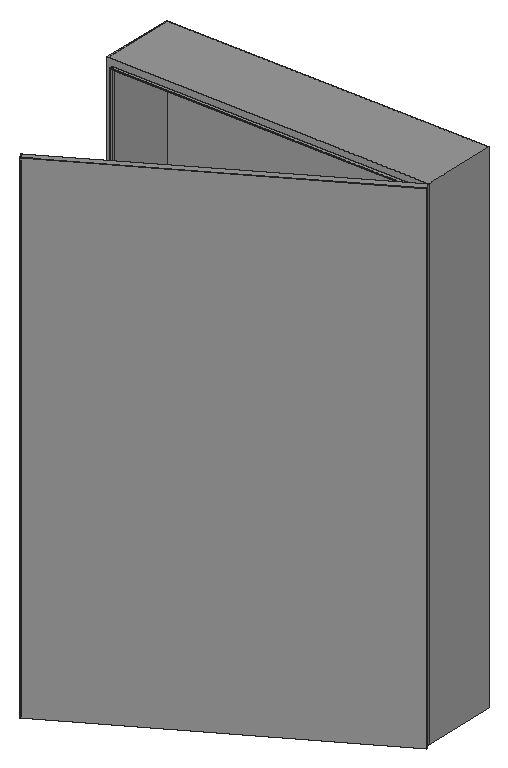
Revit family "Hager-Univers-IP44-D205-H1250-Cl.II-Encl-NoHosted-CH-fr", category Electrical Equipment, Revit 2020
Family settings
  Panel Configuration = Two Columns, Circuits Across
  Round Connector Dimension = Use Diameter
  Part Type = Panelboard
  Work Plane-Based = Yes
  Always vertical = Yes
  Cut with Voids When Loaded = No
  Shared = No
  Room Calculation Point = No
Parameters (values of type "saillie IP44 L800 H1250 P205  - FP83QS")
  Width Control [instance] = if([EF000008 - largeur] > Min Width, [EF000008 - largeur], Min Width)  # 800 mm
  Type Comments = [HG000003 - Gamme]  # "Univers"
  Thickness Door [instance] = if([EF009171 - épaisseur de matériau de la porte/du couvercle] > 3 mm, 3 mm, [EF009171 - épaisseur de matériau de la porte/du couvercle])  # 1 mm
  Seal Frame Offset [instance] = 17 mm  # constant formula
  Plinth Visibility [instance] = [HG000027 - Hauteur du socle] > 0 mm  # no
  Min Width [instance] = 100 mm  # constant formula
  Min Depth [instance] = (2 * [EF009170 - épaisseur de matériau du boîtier]) + 1 mm  # 3 mm
  Min Height [instance] = 100 mm  # constant formula
  Internal Frame Depth [instance] = (Door System Depth * 0.5)  # 9 mm
  Panel Name [instance] = ""  # (empty or 0)
  Model = ""
  HG000027 - Hauteur du socle = 0 mm
  HG000026 - Installation au sol = no
  HG000024 - Hauteur de la section basse = 600 mm
  HG000023 - Armoire double section = no
  HG000016 - Visibilité de la porte 3D [instance] = yes
  HG000015 - Visibilité de l'emprise de la porte [instance] = no
  HG000014 - Porte à droite [instance] = yes
  HG000013 - Porte à gauche [instance] = not([HG000014 - Porte à droite])  # no
  HG000012 - Angle de pivotement de la porte [instance] = 30.00°
  HG000010 - Portes asymétriques = no
  HG000009 - Porte à double battant = no
  HG000006 - Encastré = no
  HG000004 - Référence fabricant = "FP83QS"
  HG000003 - Gamme = "Univers"
  HG000002 - avec porte = yes
  Frame Offset Bottom [instance] = 10 mm  # constant formula
  Frame Offset [instance] = 15 mm  # constant formula
  EF015940 - couvercle avec décharge de pression = no
  EF011959 - degré de protection (NEMA) = ""
  EF009554 - nombre d'ouvertures pour plaques à bride = 6
  EF009212 - finition du couvercle = "EV000116 - fermé"
  EF009171 - épaisseur de matériau de la porte/du couvercle = 1 mm
  EF009170 - épaisseur de matériau du boîtier = 1 mm
  EF008873 - courant nominal (In) = 250 A
  EF007800 - adapté à un parafoudre = no
  EF006306 - avec serrure = no
  EF006244 - couvercle/porte transparent(e) = no
  EF005474 - indice de protection (IP) = "EV006418 - IP44"
  EF004464 - type de porte = "EV002646 - unique"
  EF004427 - nombre de modules = 288
  EF004293 - indice de protection contre les chocs (IK) = "EV006815 - IK09"
  EF003532 - convient pour utilisation à l’extérieur = no
  EF002950 - largeur en nombre de modules = 36
  EF001613 - maintien de fonction = "EV000494 - sans"
  EF001596 - matériau du boîtier/corps = "EV000179 - acier"
  EF001131 - profondeur intérieure = 143 mm
  EF001088 - possibilité de montage en saillie = yes
  EF000437 - nombre d'entrées de conduit = 6
  EF000339 - type de capot = "EV001012 - couvercle"
  EF000266 - nombre de rangées = 8
  EF000218 - profondeur d'encastrement = 0 mm
  EF000118 - avec cadre/support de montage = no
  EF000116 - numéro RAL = "9010"
  EF000049 - profondeur = 205 mm
  EF000040 - hauteur = 1250 mm
  EF000008 - largeur = 800 mm
  EF000007 - couleur = "EV000202 - blanc"
  EF000003 - mode de pose = "EV000384 - saillie"
  Door System Leaf Tolerance [instance] = 1.5 mm  # constant formula
  Door System Depth [instance] = 18 mm  # constant formula
  Door Height [instance] = Height Control - [HG000027 - Hauteur du socle]  # 1250 mm
  Description = ""
  Default Elevation = 1219.2 mm
  Connector Offset [instance] = Height Control / 2  # 625 mm
  Manufacturer = "Hager"  # constant formula
  Height Control [instance] = if([EF000040 - hauteur] > Min Height, [EF000040 - hauteur], Min Height)  # 1250 mm
  Depth Control [instance] = if([EF000049 - profondeur] > Min Depth, [EF000049 - profondeur], Min Depth)  # 205 mm
  Bottom Top Plate Trim [instance] = 1.5 mm  # constant formula
  Plinth height Ctrl [instance] = if([HG000027 - Hauteur du socle] > 0 mm, [HG000027 - Hauteur du socle], 12 mm)  # 12 mm
Types (5, lengths in mm): name | Width Control | HG000009 - Porte à double battant | HG000004 - Référence fabricant | EF009554 - nombre d'ouvertures pour plaques à bride | EF004464 - type de porte | EF004427 - nombre de modules | EF002950 - largeur en nombre de modules | EF000437 - nombre d'entrées de conduit | EF000008 - largeur
  saillie IP44 L1050 H1250 P205  - FP84QS | 1050 | yes | "FP84QS" | 8 | "EV003602 - double" | 384 | 48 | 8 | 1050
  saillie IP44 L1300 H1250 P205  - FP85QS | 1300 | yes | "FP85QS" | 10 | "EV003602 - double" | 480 | 60 | 10 | 1300
  saillie IP44 L300 H1250 P205  - FP81QS | 300 | no | "FP81QS" | 2 | "EV002646 - unique" | 96 | 12 | 2 | 300
  saillie IP44 L550 H1250 P205  - FP82QS | 550 | no | "FP82QS" | 4 | "EV002646 - unique" | 192 | 24 | 4 | 550
  saillie IP44 L800 H1250 P205  - FP83QS | 800 | no | "FP83QS" | 6 | "EV002646 - unique" | 288 | 36 | 6 | 800
Reference planes
  plane 1 "Center (Front/Back)": y = 0
  plane 2: z = 0
  plane 3 "Center (Left/Right)": x = 0
  plane 4: y = 0
  plane 5: y = 0
  plane 6: z = 0
  plane 7: x = -400
  plane 8: x = 400
  plane 9: x = 399
  plane 10: x = -399
  plane 11: z = 0
  plane 12: z = 1
  plane 13: y = -205
  plane 14: y = -1
  plane 15: x = 0
  plane 16: y = -187
  plane 17: y = -204
  plane 18: y = -186
  plane 19: x = -384
  plane 20: x = 384
  plane 21: z = 11
  plane 22: x = -383
  plane 23: x = 383
  plane 24: z = 0
  plane 25: z = 1250
  plane 26: z = 1250
  plane 27: z = 1234
  plane 28: z = 1249
Forms (mm)
  Extrusion 1, solid, material "Hager_Steel_RAL7035_Light_Grey", detail levels medium+fine
    sketch origin (-208.679, -4572, 0) x (-1, 0, 0) y (0, -1, 0)
      loop
        line (191.321, -4385) -> (-608.679, -4385) -> (-608.679, -4572) -> (191.321, -4572) -> (191.321, -4385)
    from 0 to 1250
  Extrusion 2, void
    sketch origin (-350.771, -205, 1219.2) x (1, 0, 0) y (0, 0, 1)
      loop
        line (-48.229, 29.8) -> (-48.229, -1218.2) -> (749.771, -1218.2) -> (749.771, 29.8) -> (-48.229, 29.8)
    from -19 to -204
  Extrusion 3, void
    sketch origin (-290.084, -187, 1219.2) x (1, 0, 0) y (0, 0, 1)
      loop
        line (-93.916, -1208.2) -> (674.084, -1208.2) -> (674.084, 14.8) -> (-93.916, 14.8) -> (-93.916, -1208.2)
    from 0 to -1
  Extrusion 4, solid, material "Hager_Steel_RAL7035_Light_Grey", visible <- "Plinth Visibility", detail levels medium+fine
    sketch origin (0, 0, 0) x (1, 0, 0) y (0, 1, 0)
      loop
        line (-400, 0) -> (-400, -187) -> (400, -187) -> (400, 0) -> (-400, 0)
    from 0 to 12 <- "Plinth height Ctrl"
  Extrusion 5, solid, material "Hager_Steel_RAL7035_Light_Grey", detail levels coarse
    sketch origin (0, 0, 0) x (1, 0, 0) y (0, 1, 0)
      loop
        line (-400, 0) -> (-400, -205) -> (400, -205) -> (400, 0) -> (-400, 0)
    from 0 to 1250 <- "Height Control"
  Sweep 6, void
    path in 3D
      loop
        line (-400, -187, 12) -> (400, -187, 12) -> (400, 0, 12) -> (-400, 0, 12) -> (-400, -187, 12)
    profile origin (-400, -93.5, 12) x (1, 0, 0) y (0, 0, 1)
      loop
        line (0, 0) -> (0, -1.5) -> (1.5, -1.5)
        arc (1.5, -1.5) -> (1.061, -0.439) -> (0, 0) r 1.5
  Extrusion 7, solid, material "Hager_Steel_RAL7035_Light_Grey", detail levels fine
    sketch origin (-400, -187, 0) x (1, 0, 0) y (0, 0, 1)
      loop
        line (16, 11) -> (784, 11) -> (784, 1234) -> (16, 1234) -> (16, 11)
      loop
        line (15, 10) -> (785, 10) -> (785, 1235) -> (15, 1235) -> (15, 10)
    from 0 to 9 <- "Internal Frame Depth"
Cuts and joins
  Extrusion 2, Extrusion 3 cuts Extrusion 1
  Sweep 6 cuts Extrusion 4
Lines and regions (mm)
  Masking region 1
    outline origin (0, 0, 0) x (1, 0, 0) y (0, 1, 0)
      loop
        line (-400, 0) -> (-400, -205) -> (400, -205) -> (400, 0) -> (-400, 0)
  Masking region 2, detail levels coarse
    outline origin (-290.084, -187, 1219.2) x (-1, 0, 0) y (0, 0, 1)
      loop
        line (-690.084, -1219.2) -> (109.916, -1219.2) -> (109.916, 30.8) -> (-690.084, 30.8) -> (-690.084, -1219.2)
  Masking region 3, detail levels coarse
    outline origin (0, 0, 0) x (0, 1, 0) y (0, 0, 1)
      loop
        line (0, 0) -> (0, 1250) -> (-205, 1250) -> (-205, 0) -> (0, 0)
  Masking region 4, visible <- "Plinth Visibility", detail levels medium+fine
    outline origin (0, 0, 0) x (0, 1, 0) y (0, 0, 1)
      loop
        line (-1.5, 12) -> (-185.5, 12)
        arc (-185.5, 12) -> (-185.939, 10.939) -> (-187, 10.5) r 1.5
        line (-187, 10.5) -> (-187, 0) -> (0, 0) -> (0, 10.5)
        arc (0, 10.5) -> (-1.061, 10.939) -> (-1.5, 12) r 1.5
  Masking region 5, detail levels medium+fine
    outline origin (0, 0, 594.038) x (0, 1, 0) y (0, 0, 1)
      loop
        line (0, -594.038) -> (0, 655.962) -> (-187, 655.962) -> (-187, -594.038) -> (0, -594.038)
  Masking region 6, detail levels medium+fine
    outline origin (-359.7, -187, 1211.883) x (-1, 0, 0) y (0, 0, 1)
      loop
        line (-759.7, -1211.883) -> (40.3, -1211.883) -> (40.3, 38.117) -> (-759.7, 38.117) -> (-759.7, -1211.883)
  Masking region 7, visible <- "Plinth Visibility", detail levels medium+fine
    outline origin (-320.334, -187, 1041.368) x (-1, 0, 0) y (0, 0, 1)
      loop
        line (-720.334, -1041.368) -> (79.666, -1041.368) -> (79.666, -1030.868)
        arc (79.666, -1030.868) -> (78.606, -1030.429) -> (78.166, -1029.368) r 1.5
        line (78.166, -1029.368) -> (-718.834, -1029.368)
        arc (-718.834, -1029.368) -> (-719.273, -1030.429) -> (-720.334, -1030.868) r 1.5
        line (-720.334, -1030.868) -> (-720.334, -1041.368)
  sketch lines
    curve 1: line (-400, 0, 12) -> (-400, -187, 12)
    curve 2: line (-400, -187, 12) -> (400, -187, 12)
    curve 3: line (400, 0, 12) -> (-400, 0, 12)
    curve 4: line (400, -187, 12) -> (400, 0, 12)
Dimensions and locks
  locked: plane 1 "Center (Front/Back)" to plane 5
  "EF009170 - épaisseur de matériau du boîtier": plane 7 to plane 10
  "EF009170 - épaisseur de matériau du boîtier": plane 8 to plane 9
  equal spacing: plane 7, plane 3 "Center (Left/Right)", plane 8
  "Width Control": plane 7 to plane 8
  "Depth Control": plane 4 to plane 13
  "EF009170 - épaisseur de matériau du boîtier": plane 4 to plane 14
  "Height Control": plane 25 to level
  "HG000027 - Hauteur du socle": plane 11 to level
  "EF009170 - épaisseur de matériau du boîtier": plane 12 to plane 11
  "EF009170 - épaisseur de matériau du boîtier": plane 17 to plane 13
  "EF009170 - épaisseur de matériau du boîtier": plane 18 to plane 16
  "Frame Offset Bottom": plane 21 to plane 12
  "Frame Offset": plane 10 to plane 19
  "Frame Offset": plane 9 to plane 20
  "Door System Depth": plane 16 to plane 13
  "Seal Frame Offset": plane 7 to plane 22
  "Seal Frame Offset": plane 8 to plane 23
  "EF009170 - épaisseur de matériau du boîtier": plane 26 to plane 28
  "Frame Offset": plane 28 to plane 27
  "Connector Offset": plane 2 to connector elem
  "Bottom Top Plate Trim": profile plane to Sweep 6 sketch curve
  "Bottom Top Plate Trim": Sweep 6 sketch curve to Sweep 6 sketch curve
  "Plinth height Ctrl": Masking region 4 sketch curve to level
  "Plinth height Ctrl": Masking region 7 sketch curve to level
  "Thickness Door": Extrusion 7 sketch curve to Extrusion 7 sketch curve  (x4)
  "Bottom Top Plate Trim": radius of Sweep 6 sketch curve
  "Bottom Top Plate Trim": radius of Masking region 4 sketch curve  (x2)
  "Bottom Top Plate Trim": radius of Masking region 7 sketch curve  (x2)
  aligned and locked: Extrusion 2 sketch curve to plane 12
  aligned and locked: Extrusion 2 sketch curve to plane 9
  aligned and locked: Extrusion 2 sketch curve to plane 10
  aligned and locked: Extrusion 2 to plane 14
  aligned and locked: Extrusion 1 sketch curve to plane 4
  aligned and locked: plane 8 to Extrusion 1 sketch curve
  aligned and locked: plane 7 to Extrusion 1 sketch curve
  aligned and locked: Extrusion 2 to plane 18
  aligned and locked: Extrusion 3 sketch curve to plane 19
  aligned and locked: plane 20 to Extrusion 3 sketch curve
  aligned and locked: Extrusion 3 to Extrusion 2
  aligned and locked: Extrusion 3 sketch curve to plane 21
  aligned and locked: plane 3 "Center (Left/Right)" to nested 1
  aligned and locked: Extrusion 1 sketch curve to plane 16
  aligned and locked: Extrusion 4 sketch curve to cut or joined group of Extrusion 1, Extrusion 2, Extrusion 3
  aligned and locked: Masking region 1 sketch curve to plane 7
  aligned and locked: Masking region 1 sketch curve to plane 5
  aligned and locked: Masking region 1 sketch curve to plane 8
  aligned and locked: Masking region 2 sketch curve to level
  aligned and locked: level to Masking region 3 sketch curve
  aligned and locked: plane 1 "Center (Front/Back)" to Masking region 3 sketch curve
  aligned and locked: plane 13 to Masking region 3 sketch curve
  aligned and locked: plane 5 to Masking region 4 sketch curve
  aligned and locked: Masking region 2 sketch curve to plane 8
  aligned and locked: Masking region 2 sketch curve to plane 7
  aligned and locked: plane 7 to nested 2
  aligned and locked: nested 2 to plane 5
  aligned and locked: plane 5 to Masking region 5 sketch curve
  aligned and locked: plane 26 to Masking region 5 sketch curve
  aligned and locked: Extrusion 5 sketch curve to plane 8
  aligned and locked: Extrusion 5 sketch curve to plane 7
  aligned and locked: Extrusion 5 sketch curve to plane 5
  aligned and locked: Extrusion 3 sketch curve to plane 27
  aligned and locked: Extrusion 2 sketch curve to plane 28
  aligned and locked: Masking region 2 to plane 25
  aligned and locked: Extrusion 4 to plane 16
  aligned and locked: profile plane to Sweep 6 sketch curve
  aligned and locked: Masking region 5 sketch curve to plane 24
  aligned and locked: level to Masking region 4 sketch curve
  aligned and locked: Masking region 1 to plane 13
  aligned and locked: nested 1 to plane 16
  aligned and locked: Masking region 3 to plane 25
  aligned and locked: plane 16 to Masking region 4 sketch curve
  aligned and locked: Masking region 5 sketch curve to plane 16
  aligned and locked: plane 24 to plane 11
  aligned and locked: plane 26 to plane 25
  aligned and locked: plane 26 to cut or joined group of Extrusion 1, Extrusion 2, Extrusion 3
  aligned and locked: nested 1 to plane 24
  aligned and locked: Extrusion 1 to Extrusion 3
  aligned and locked: Masking region 6 sketch curve to plane 8
  aligned and locked: Masking region 6 sketch curve to plane 24
  aligned and locked: Masking region 6 sketch curve to plane 7
  aligned and locked: Masking region 6 sketch curve to plane 26
  aligned and locked: Masking region 7 sketch curve to plane 7
  aligned and locked: level to Masking region 7 sketch curve
  aligned and locked: Masking region 7 sketch curve to plane 8
  aligned and locked: Extrusion 7 sketch curve to cut or joined group of Extrusion 1, Extrusion 2, Extrusion 3  (x4)
Automatic sketch dimensions
  plane 19 to Extrusion 3 sketch curve = 0 mm
  Extrusion 3 sketch curve to plane 20 = 0 mm
  Extrusion 3 sketch curve to plane 21 = 0 mm
  Extrusion 4 sketch curve to plane 7 = 0 mm
  Extrusion 4 sketch curve to plane 8 = 0 mm
  Extrusion 4 sketch curve to plane 16 = 0 mm
  Masking region 1 sketch curve to plane 13 = 0 mm
  Masking region 2 sketch curve to plane 25 = 0 mm
  Masking region 3 sketch curve to plane 25 = 0 mm
  Extrusion 5 sketch curve to plane 13 = 0 mm
  profile plane to Sweep 6 sketch curve = 0 mm
Nested families
  nested 1: "EC000058_Univers_Door" at (0, -187, 0), Double <- "HG000009 - Porte à double battant", Transparent <- "EF006244 - couvercle/porte transparent(e)", Angle <- "HG000012 - Angle de pivotement de la porte", Door_Right <- "HG000014 - Porte à droite", Assymetrical <- "HG000010 - Portes asymétriques", Door <- "HG000002 - avec porte", Width_Ctrl <- "Width Control", 3d_Door <- "HG000016 - Visibilité de la porte 3D", Clearance <- "HG000015 - Visibilité de l'emprise de la porte", Door_Left <- "HG000013 - Porte à gauche", Width <- "Width Control", Door_Depth <- "Door System Depth", Leaf_Tolerance <- "Door System Leaf Tolerance", Height <- "Door Height", Lock_Visibility <- "EF006306 - avec serrure", Thickness <- "Thickness Door", type "EC000058_Univers_Door", detail levels medium+fine
    with min_wh 3 mm, Width_Ctrl 800 mm, Width 800 mm, Transparent no, Thickness 1 mm, Seal_Material Hager_Rubber, Lock_Visibility no, Lock_Material Hager_Plastic_RAL9005_Jet_Black, Leaf_Width 800 mm, Leaf_Tolerance_External_Sides 0 mm, Leaf_Tolerance 1.5 mm, Leaf_Offset 0 mm, Leaf_Height 1247 mm, Leaf_2_Width 800 mm, Leaf_2_Offset 400 mm, Leaf_1_Width 800 mm, Leaf_1_Offset 400 mm, Height_Ctrl 1250 mm, Height 1250 mm, Glass_Material Hager_Glass, Double_Clearance_Ctrl no, Double no, Door_Right_Ctrl yes, Door_Right yes, Door_Material Hager_Steel_RAL7035_Light_Grey, Door_Left_Ctrl no, Door_Left no, Door_Depth 18 mm, Door yes, Clearance_Material Hager_Clearance, Clearance_Depth 800 mm, Clearance_Ctrl no, Clearance no, Assymetrical no, Angle 30.00°, 3d_Door yes
  nested 2: "Hager_Enclosure_Symbol" at (-400, 0, 0), Height <- "Depth Control", Width <- "Width Control", type "Hager_Enclosure_Symbol"
    with Width_Ctrl 800 mm, Width 800 mm, Height_Ctrl 205 mm, Height 205 mm, A_Width_Int 13.453 mm, A_Width 161.438 mm, A_Height_Ctrl 179.375 mm, A_Height 179.375 mm
Connectors
  electrical at (0, 0, 625)
    settings: on plane 1 "Center (Front/Back)", index 1, voltage 0 V, apparent load 0 VA, apparent load phase1 0 VA, apparent load phase2 0 VA, apparent load phase3 0 VA, power factor 1, load classification "Other", number of poles 1, system type 30, power factor state 1, is connector primary yes, connector utility no, sub classification motor no, connector description ""
Definition of nested family "EC000058_Univers_Door"
  Parameters (values of type "EC000058_Univers_Door")
    min_wh [instance] = (2 * Thickness) + 1 mm  # 11 mm
    Width_Ctrl [instance] = 400 mm
    Width [instance] = 500 mm
    Transparent [instance] = yes
    Thickness [instance] = 5 mm
    Seal_Material [instance] = none
    Lock_Visibility [instance] = yes
    Lock_Material [instance] = none
    Leaf_Width [instance] = if((Width_Ctrl - 2 * Leaf_Tolerance_External_Sides) > 0 mm, (Width_Ctrl - 2 * Leaf_Tolerance_External_Sides), min_wh)  # 400 mm
    Leaf_Tolerance_External_Sides [instance] = 0 mm  # constant formula
    Leaf_Tolerance [instance] = 1.5 mm
    Leaf_Offset [instance] = 0 mm  # constant formula
    Leaf_Height [instance] = if((Height_Ctrl - 2 * Leaf_Tolerance) > 0 mm, (Height_Ctrl - 2 * Leaf_Tolerance), min_wh)  # 497 mm
    Leaf_2_Width [instance] = if(and(and(Double, Assymetrical), Door_Left), (Leaf_Width / 3) - (Leaf_Tolerance / 2), if(and(and(Double, Assymetrical), Door_Right), (Leaf_Width / 3) * 2 - (Leaf_Tolerance / 2), if(and(Double, not(Assymetrical)), (Leaf_Width / 2) - Leaf_Tolerance, Leaf_Width)))  # 400 mm
    Leaf_2_Offset [instance] = if(and(Double, Assymetrical), Leaf_2_Width / 2, if(and(Double, not(Assymetrical)), Leaf_Width / 4, Leaf_Width / 2))  # 200 mm
    Leaf_1_Width [instance] = if(and(and(Double, Assymetrical), Door_Right), (Leaf_Width / 3) - (Leaf_Tolerance / 2), if(and(and(Double, Assymetrical), Door_Left), (Width / 3) * 2 - (Leaf_Tolerance / 2), if(and(Double, not(Assymetrical)), (Leaf_Width / 2) - Leaf_Tolerance, Leaf_Width)))  # 400 mm
    Leaf_1_Offset [instance] = if(and(Double, Assymetrical), Leaf_1_Width / 2, if(and(Double, not(Assymetrical)), Leaf_Width / 4, Leaf_Width / 2))  # 200 mm
    Height_Ctrl [instance] = if(Height > min_wh, Height, min_wh)  # 500 mm
    Height [instance] = 500 mm
    Glass_Material [instance] = none
    Double_Clearance_Ctrl [instance] = and(Double, Clearance)  # no
    Double [instance] = no
    Door_Right_Ctrl [instance] = and(or(Door_Right, Double), Door)  # yes
    Door_Right [instance] = yes
    Door_Material [instance] = none
    Door_Left_Ctrl [instance] = and(or(Door_Left, Double), Door)  # no
    Door_Left [instance] = no
    Door_Depth [instance] = 30 mm
    Door [instance] = yes
    Default Elevation = 1219.2 mm
    Clearance_Material [instance] = none
    Clearance_Depth [instance] = if(Leaf_1_Width > Leaf_2_Width, Leaf_1_Width, Leaf_2_Width)  # 400 mm
    Clearance_Ctrl [instance] = and(not(Double), Clearance)  # yes
    Clearance [instance] = yes
    Assymetrical [instance] = yes
    Angle [instance] = 30.00°
    3d_Door [instance] = yes
  Reference planes
    plane 1 "Center (Front/Back)": y = 0
    plane 2 "Bottom": z = 0
    plane 3 "Center (Left/Right)": x = 0
    plane 4: z = 500
    plane 5: x = -200
    plane 6: x = 200
    plane 7: z = 500
    plane 8: x = -200
    plane 9: z = 0
    plane 10: x = 200
    plane 11: y = 0
    plane 12: z = 1.5
    plane 13: x = -600
    plane 14: y = -400
    plane 15: x = 600
    plane 16: x = 0
    plane 17: x = 0
    plane 18: x = -200
    plane 19: x = 200
    plane 20: z = 498.5
  Forms (mm)
    Extrusion 1, solid, material <- "Clearance_Material", visible <- "Double_Clearance_Ctrl"
      sketch origin (1200, 0, 0) x (1, 0, 0) y (0, 0, -1)
        loop
          line (-1800, -498.5) -> (-600, -498.5) -> (-600, 0) -> (-1800, 0) -> (-1800, -498.5)
      from 0 to -400
  Dimensions and locks
    equal spacing: plane 5, plane 3 "Center (Left/Right)", plane 6
    "Width_Ctrl": plane 5 to plane 6
    "Leaf_Offset": plane 5 to plane 8
    "Leaf_Offset": plane 6 to plane 10
    "Leaf_Offset": plane 9 to level
    "Leaf_Offset": plane 4 to plane 7
    "Height_Ctrl": plane 4 to level
    "Leaf_Tolerance": plane 12 to plane 9
    locked: plane 11 to plane 1 "Center (Front/Back)"
    "Leaf_1_Offset": plane 18 to plane 16
    "Leaf_2_Offset": plane 17 to plane 19
    "Leaf_1_Width": plane 13 to plane 8
    "Leaf_2_Width": plane 10 to plane 15
    "Clearance_Depth": plane 14 to plane 1 "Center (Front/Back)"
    "Leaf_Tolerance_External_Sides": plane 8 to plane 18
    "Leaf_Tolerance_External_Sides": plane 19 to plane 10
    "Leaf_Tolerance": plane 7 to plane 20
    aligned and locked: level to plane 2 "Bottom"
    aligned and locked: nested 1 to plane 16
    aligned and locked: nested 2 to plane 17
    aligned and locked: Extrusion 1 to plane 13
    aligned and locked: plane 15 to Extrusion 1
    aligned and locked: Extrusion 1 to plane 14
    aligned and locked: plane 12 to nested 1
    aligned and locked: nested 2 to plane 12
    aligned and locked: Extrusion 1 to plane 11
    aligned and locked: plane 20 to Extrusion 1
    aligned and locked: nested 2 to plane 11
    aligned and locked: nested 1 to plane 11
  Automatic sketch dimensions
    Extrusion 1 sketch curve to level = 0 mm
    plane 5 to Extrusion 1 sketch curve = 400 mm
    plane 6 to Extrusion 1 sketch curve = 400 mm
    Extrusion 1 sketch curve to plane 4 = 1.5 mm
  Nested families
    nested 1: "EC000058_Univers_Door_Leaf" at (0, 0, 1.5), Width <- "Leaf_1_Width", visible <- "Door_Left_Ctrl", Leaf_Height <- "Leaf_Height", Angle <- "Angle", 3d_Door <- "3d_Door", Transparent <- "Transparent", Clearance Material <- "Clearance_Material", Clearance <- "Clearance_Ctrl", Door_Material <- "Door_Material", Glass_Material <- "Glass_Material", Door_Depth <- "Door_Depth", Lock_Material <- "Lock_Material", Seal_Material <- "Seal_Material", Lock_Visibility <- "Lock_Visibility", Thickness <- "Thickness", type "EC000058_Univers_Door_Leaf"
      with Width 400 mm, Transparent_Glass_Offset 30 mm, Transparent_Ctrl yes, Transparent yes, Thickness 5 mm, Standard no, Seal_Material none, Seal_D2 8 mm, Seal_D1 1 mm, Offset_Internal_Frame 10 mm, Lock_Width 20 mm, Lock_Visibility_3d yes, Lock_Visibility yes, Lock_Thickness_3 3 mm, Lock_Thickness_2 1 mm, Lock_Thickness_1 3 mm, Lock_Radius_Offset_2 16 mm, Lock_Radius_Offset_1 15 mm, Lock_Radius_2 5 mm, Lock_Radius 6 mm, Lock_Offset 5 mm, Lock_Material none, Lock_Height 80 mm, Lock_Cover_Top_Offset_2d 17 mm, Lock_Cover_Height -65 mm, Leaf_Height 497 mm, Internal_Seal_Thickness 8 mm, Internal_Seal_Depth_2 4.5 mm, Internal_Frame_Depth 25 mm, Glass_Thickness -1 mm, Glass_Offset -2 mm, Glass_Material none, Door_Material none, Door_Depth 30 mm, Clearance Material none, Clearance yes, Angle_Ctrl 30.00°, Angle 30.00°, 3d_Door yes
    nested 2: "EC000058_Univers_Door_Leaf" at (0, 0, 1.5) x (-1, 0, 0) z (0, 0, 1), Width <- "Leaf_2_Width", visible <- "Door_Right_Ctrl", Leaf_Height <- "Leaf_Height", Angle <- "Angle", 3d_Door <- "3d_Door", Transparent <- "Transparent", Clearance Material <- "Clearance_Material", Clearance <- "Clearance_Ctrl", Door_Material <- "Door_Material", Glass_Material <- "Glass_Material", Door_Depth <- "Door_Depth", Lock_Material <- "Lock_Material", Seal_Material <- "Seal_Material", Lock_Visibility <- "Lock_Visibility", Thickness <- "Thickness", type "EC000058_Univers_Door_Leaf"
      with Width 400 mm, Transparent_Glass_Offset 30 mm, Transparent_Ctrl yes, Transparent yes, Thickness 5 mm, Standard no, Seal_Material none, Seal_D2 8 mm, Seal_D1 1 mm, Offset_Internal_Frame 10 mm, Lock_Width 20 mm, Lock_Visibility_3d yes, Lock_Visibility yes, Lock_Thickness_3 3 mm, Lock_Thickness_2 1 mm, Lock_Thickness_1 3 mm, Lock_Radius_Offset_2 16 mm, Lock_Radius_Offset_1 15 mm, Lock_Radius_2 5 mm, Lock_Radius 6 mm, Lock_Offset 5 mm, Lock_Material none, Lock_Height 80 mm, Lock_Cover_Top_Offset_2d 17 mm, Lock_Cover_Height -65 mm, Leaf_Height 497 mm, Internal_Seal_Thickness 8 mm, Internal_Seal_Depth_2 4.5 mm, Internal_Frame_Depth 25 mm, Glass_Thickness -1 mm, Glass_Offset -2 mm, Glass_Material none, Door_Material none, Door_Depth 30 mm, Clearance Material none, Clearance yes, Angle_Ctrl 30.00°, Angle 30.00°, 3d_Door yes
  Definition of nested family "EC000058_Univers_Door_Leaf"
    Parameters (values of type "EC000058_Univers_Door_Leaf")
      Width [instance] = 2000 mm
      Transparent_Glass_Offset [instance] = 30 mm
      Transparent_Ctrl [instance] = and(Transparent, [3d_Door])  # yes
      Transparent [instance] = yes
      Thickness [instance] = 5 mm
      Standard [instance] = and(not(Transparent), [3d_Door])  # no
      Seal_Material [instance] = none
      Seal_D2 [instance] = 8 mm  # constant formula
      Seal_D1 [instance] = 1 mm  # constant formula
      Offset_Internal_Frame [instance] = 10 mm  # constant formula
      Lock_Width [instance] = 20 mm  # constant formula
      Lock_Visibility_3d [instance] = and(Lock_Visibility, [3d_Door])  # yes
      Lock_Visibility [instance] = yes
      Lock_Thickness_3 [instance] = 3 mm  # constant formula
      Lock_Thickness_2 [instance] = 1 mm  # constant formula
      Lock_Thickness_1 [instance] = 3 mm  # constant formula
      Lock_Radius_Offset_2 [instance] = Lock_Radius_Offset_1 + 1 mm  # 16 mm
      Lock_Radius_Offset_1 [instance] = 15 mm  # constant formula
      Lock_Radius_2 [instance] = Lock_Radius - 1 mm  # 5 mm
      Lock_Radius [instance] = 6 mm  # constant formula
      Lock_Offset [instance] = 5 mm  # constant formula
      Lock_Material [instance] = none
      Lock_Height [instance] = 80 mm  # constant formula
      Lock_Cover_Top_Offset_2d [instance] = Lock_Radius_Offset_2 + 1 mm  # 17 mm
      Lock_Cover_Height [instance] = -(Lock_Height - Lock_Radius_Offset_1)  # -65 mm
      Leaf_Height [instance] = 2720.336 mm
      Internal_Seal_Thickness [instance] = 8 mm  # constant formula
      Internal_Seal_Depth_2 [instance] = 4.5 mm  # constant formula
      Internal_Frame_Depth [instance] = if(Door_Depth - Thickness > 5 mm, Door_Depth - Thickness, 5 mm)  # 25 mm
      Glass_Thickness [instance] = if(Thickness > 15 mm, Glass_Offset + 10 mm, -1 mm)  # -1 mm
      Glass_Offset [instance] = if(Thickness > 15 mm, -(Thickness + 10 mm) / 2, -2 mm)  # -2 mm
      Glass_Material [instance] = none
      Door_Material [instance] = none
      Door_Depth [instance] = 30 mm
      Default Elevation = 0 mm
      Clearance Material [instance] = none
      Clearance [instance] = yes
      Angle_Ctrl [instance] = if(Angle > 180.00°, 180.00°, Angle)  # 90.00°
      Angle [instance] = 90.00°
      3d_Door [instance] = yes
    Reference planes
      plane 1 "Center (Front/Back)": y = 0
      plane 2: z = 0
      plane 3 "Center (Left/Right)": x = 0
      plane 4: y = 2000
      plane 5: x = -1000
      plane 6: x = 1000
      plane 7: x = -3000
      plane 8: z = 2720.336
      plane 9: z = 30
      plane 10: z = 2690.336
      plane 11: x = 970
      plane 12: x = -970
      plane 13: y = -3
      plane 14: z = 107.833
      plane 15: y = -5
      plane 16: y = -223.314
      plane 17: x = -1000
      plane 18: z = 1360.168
      plane 19: y = 30
    Forms (mm)
      Extrusion 1, solid, material <- "Clearance Material", visible <- "Clearance"
        sketch origin (0, 0, 0) x (1, 0, 0) y (0, 0, 1)
          loop
            line (-3000, 2720.336) -> (-3000, 0) -> (1000, 0) -> (1000, 2720.336) -> (-3000, 2720.336)
        from 0 to -2000
      Extrusion 2, solid, material <- "Door_Material", visible <- "Standard", detail levels medium+fine
        sketch origin (-1000, 0, 0) x (0, 1, 0) y (-1, 0, 0)
          loop
            line (0, 30) -> (0, 25) -> (2000, 25) -> (2000, 30) -> (0, 30)
        from 0 to 2720.336 <- "Leaf_Height"
      Extrusion 3, solid, material <- "Door_Material", visible <- "Transparent_Ctrl", detail levels medium+fine
        sketch origin (-1000, 0, 0) x (0, 1, 0) y (-1, 0, 0)
          loop
            line (0, 25) -> (2000, 25) -> (2000, 30) -> (0, 30) -> (0, 25)
        from 0 to 2720.336 <- "Leaf_Height"
      Extrusion 4, void
        sketch origin (-1025, 2000, 0) x (0, 1, 0) y (0, 0, -1)
          loop
            line (-30, -2690.336) -> (-30, -30) -> (-1970, -30) -> (-1970, -2690.336) -> (-30, -2690.336)
        from 0 to 5 <- "Thickness"
      Sweep 5, solid, material <- "Seal_Material", visible <- "Transparent_Ctrl", detail levels fine
        path in 3D
          loop
            line (-1025, 30, 30) -> (-1025, 30, 2690.336) -> (-1025, 1970, 2690.336) -> (-1025, 1970, 30) -> (-1025, 30, 30)
        profile origin (-1025, 1000, 30) x (1, 0, 0) y (0, 0, 1)
          loop
            line (0, 0) -> (0, -8) -> (1, -8) -> (1, 0) -> (0, 0)
      Extrusion 6, solid, material <- "Glass_Material", visible <- "Transparent_Ctrl", detail levels medium+fine
        sketch origin (-1030, 0, 0) x (0, 1, 0) y (0, 0, -1)
          loop
            line (1970, -2690.336) -> (1970, -30) -> (30, -30) -> (30, -2690.336) -> (1970, -2690.336)
        from -2 <- "Glass_Offset" to -1 <- "Glass_Thickness"
      Extrusion 7, solid, material <- "Door_Material", visible <- "3d_Door", detail levels medium+fine
        sketch origin (-1025, 2000, 0) x (0, -1, 0) y (0, 0, -1)
          loop
            line (0, -2720.336) -> (2000, -2720.336) -> (2000, 0) -> (0, 0) -> (0, -2720.336)
          loop
            line (1995, -5) -> (5, -5) -> (5, -2715.336) -> (1995, -2715.336) -> (1995, -5)
        from 0 to 25 <- "Internal_Frame_Depth"
      Sweep 8, solid, material <- "Seal_Material", visible <- "Transparent_Ctrl", detail levels fine
        path in 3D
          loop
            line (-1025, 0, 0) -> (-1025, 2000, 0) -> (-1025, 2000, 2720.336) -> (-1025, 0, 2720.336) -> (-1025, 0, 0)
        profile origin (-1025, 0, 1360.168) x (1, 0, 0) y (0, 1, 0)
          loop
            line (0, 10) -> (2.975, 10)
            arc (2.975, 10) -> (4.053, 10.447) -> (4.5, 11.525) r 1.525
            line (4.5, 11.525) -> (4.5, 16.527)
            arc (4.5, 16.527) -> (4.069, 17.569) -> (3.027, 18) r 1.473
            line (3.027, 18) -> (0, 18) -> (0, 10)
      Extrusion 9, solid, material <- "Lock_Material", visible <- "Lock_Visibility_3d", detail levels fine
        sketch origin (-1030, 0, 0) x (0, 1, 0) y (0, 0, -1)
          loop
            arc (1993.5, -1400.168) -> (1994.561, -1399.729) -> (1995, -1398.668) r 1.5
            line (1995, -1398.668) -> (1995, -1320.168) -> (1975, -1320.168) -> (1975, -1398.668)
            arc (1975, -1398.668) -> (1975.439, -1399.729) -> (1976.5, -1400.168) r 1.5
            line (1976.5, -1400.168) -> (1993.5, -1400.168)
        from 3 <- "Lock_Thickness_1" to 0
      Blend 10, solid, material <- "Lock_Material", visible <- "Lock_Visibility_3d", detail levels fine
        base sketch origin (-1033, 0, 0) x (0, 1, 0) y (0, 0, -1)
          loop
            line (1975, -1320.168) -> (1975, -1398.668)
            arc (1975, -1398.668) -> (1975.439, -1399.729) -> (1976.5, -1400.168) r 1.5
            line (1976.5, -1400.168) -> (1993.5, -1400.168)
            arc (1993.5, -1400.168) -> (1994.561, -1399.729) -> (1995, -1398.668) r 1.5
            line (1995, -1398.668) -> (1995, -1320.168) -> (1975, -1320.168)
        top sketch origin (-1033, 0, 0) x (0, 1, 0) y (0, 0, -1)
          loop
            line (1976, -1320.168) -> (1976, -1398.668)
            arc (1976, -1398.668) -> (1976.146, -1399.022) -> (1976.5, -1399.168) r 0.5
            line (1976.5, -1399.168) -> (1993.5, -1399.168)
            arc (1993.5, -1399.168) -> (1993.854, -1399.022) -> (1994, -1398.668) r 0.5
            line (1994, -1398.668) -> (1994, -1320.168) -> (1976, -1320.168)
        from 0 to 1 <- "Lock_Thickness_2"
      Blend 11, solid, material <- "Lock_Material", visible <- "Lock_Visibility_3d", detail levels fine
        base sketch origin (-1034, 0, 0) x (0, 1, 0) y (0, 0, -1)
          loop
            line (1978, -1320.168) -> (1978, -1384.168)
            arc (1978, -1384.168) -> (1985, -1391.168) -> (1992, -1384.168) r 7
            line (1992, -1384.168) -> (1992, -1320.168) -> (1978, -1320.168)
        top sketch origin (-1034, 0, 0) x (0, 1, 0) y (0, 0, -1)
          loop
            line (1991, -1320.168) -> (1979, -1320.168) -> (1979, -1383.168)
            arc (1979, -1383.168) -> (1985, -1389.168) -> (1991, -1383.168) r 6
            line (1991, -1383.168) -> (1991, -1320.168)
        from 0 to 3 <- "Lock_Thickness_3"
      Extrusion 12, solid, material <- "Lock_Material", visible <- "Lock_Visibility_3d", detail levels fine
        sketch origin (-1030, 1975, 1320.168) x (1, 0, 0) y (0, -1, 0)
          loop
            line (-7, -19) -> (-7, -1) -> (0, -1) -> (0, 0) -> (-8, 0) -> (-8, -20) -> (0, -20) -> (0, -19) -> (-7, -19)
        from 0 to -65 <- "Lock_Cover_Height"
      Extrusion 13, void
        sketch origin (-1038, 1995, 1320.168) x (-1, 0, 0) y (0, 0, -1)
          loop
            line (-5, -65) -> (0, -65) -> (-5, -60) -> (-5, -65)
        from 0 to 20 <- "Lock_Width"
      Extrusion 14, void
        sketch origin (-1038, 1975, 1320.168) x (0, -1, 0) y (0, 0, -1)
          loop
            circle (-10, -15.995) r 6
          loop
            circle (-10, -15.995) r 5
        from 0 to 2
      Extrusion 15, solid, material <- "Lock_Material", visible <- "Lock_Visibility_3d", detail levels medium
        sketch origin (-1030, 0, 0) x (0, 1, 0) y (0, 0, -1)
          loop
            arc (1993.5, -1400.168) -> (1994.561, -1399.729) -> (1995, -1398.668) r 1.5
            line (1995, -1398.668) -> (1995, -1320.168) -> (1975, -1320.168) -> (1975, -1398.668)
            arc (1975, -1398.668) -> (1975.439, -1399.729) -> (1976.5, -1400.168) r 1.5
            line (1976.5, -1400.168) -> (1993.5, -1400.168)
        from 8 to 0
    Cuts and joins
      Extrusion 4 cuts Extrusion 3
      Extrusion 13, Extrusion 14 cuts Extrusion 9
      Extrusion 14 cuts Blend 11
      Extrusion 13, Extrusion 14 cuts Extrusion 12
      joined: Extrusion 9, Blend 10, Blend 11, Extrusion 12
      Extrusion 14 cuts Extrusion 15
    Lines and regions (mm)
      Masking region 1, visible <- "Lock_Visibility", detail levels fine
        outline origin (0, 0, 0) x (0, 1, 0) y (0, 0, 1)
          loop
            line (30, 1320.168) -> (33, 1320.168) -> (33, 1400.168) -> (30, 1400.168) -> (30, 1320.168)
      Masking region 2, visible <- "Lock_Visibility", detail levels fine
        outline origin (0, 3.143, 0) x (0, 1, 0) y (0, 0, 1)
          loop
            line (29.857, 1354.168) -> (30.857, 1354.168) -> (30.857, 1366.168) -> (29.857, 1366.168) -> (29.857, 1354.168)
      Masking region 3, detail levels medium+fine
        outline origin (0, 0, 0) x (0, 1, 0) y (0, 0, 1)
          loop
            line (0, 0) -> (30, 0) -> (30, 2720.336) -> (0, 2720.336) -> (0, 0)
      Masking region 4, detail levels medium+fine
        outline origin (0, 0, 0) x (1, 0, 0) y (0, 0, 1)
          loop
            line (-1000, 2720.336) -> (-1000, 0) -> (1000, 0) -> (1000, 2720.336) -> (-1000, 2720.336)
      Masking region 5, visible <- "Lock_Visibility", detail levels fine
        outline origin (-47.116, 0, 0) x (1, 0, 0) y (0, 0, 1)
          loop
            arc (1024.616, 1399.168) -> (1023.556, 1398.729) -> (1023.116, 1397.668) r 1.5
            line (1023.116, 1397.668) -> (1023.116, 1320.168) -> (1041.116, 1320.168) -> (1041.116, 1397.668)
            arc (1041.116, 1397.668) -> (1040.677, 1398.729) -> (1039.616, 1399.168) r 1.5
            line (1039.616, 1399.168) -> (1024.616, 1399.168)
      Masking region 6, visible <- "Lock_Visibility", detail levels medium+fine
        outline origin (-25, 0, 0) x (1, 0, 0) y (0, 0, 1)
          loop
            arc (1001.5, 1400.168) -> (1000.439, 1399.729) -> (1000, 1398.668) r 1.5
            line (1000, 1398.668) -> (1000, 1320.168) -> (1020, 1320.168) -> (1020, 1398.668)
            arc (1020, 1398.668) -> (1019.561, 1399.729) -> (1018.5, 1400.168) r 1.5
            line (1018.5, 1400.168) -> (1001.5, 1400.168)
      Masking region 7, visible <- "Lock_Visibility", detail levels fine
        outline origin (-73.735, 0, 0) x (1, 0, 0) y (0, 0, 1)
          loop
            line (1051.735, 1382.168) -> (1065.735, 1382.168) -> (1065.735, 1384.168)
            arc (1065.735, 1384.168) -> (1058.735, 1391.168) -> (1051.735, 1384.168) r 7
            line (1051.735, 1384.168) -> (1051.735, 1382.168)
      Masking region 8, visible <- "Lock_Visibility", detail levels fine
        outline origin (-73.735, 0, 0) x (1, 0, 0) y (0, 0, 1)
          loop
            line (1052.735, 1382.168) -> (1064.735, 1382.168) -> (1064.735, 1383.168)
            arc (1064.735, 1383.168) -> (1058.735, 1389.168) -> (1052.735, 1383.168) r 6
            line (1052.735, 1383.168) -> (1052.735, 1382.168)
      Masking region 9, visible <- "Lock_Visibility", detail levels fine
        outline origin (-25, 0, 0) x (1, 0, 0) y (0, 0, 1)
          loop
            line (1020, 1320.168) -> (1020, 1382.168) -> (1000, 1382.168) -> (1000, 1320.168) -> (1020, 1320.168)
      Masking region 10, detail levels medium+fine
        outline origin (0, 0, 0) x (1, 0, 0) y (0, 0, 1)
          loop
            circle (985, 1335.144) r 6
      Masking region 11, detail levels fine
        outline origin (0, 0, 0) x (1, 0, 0) y (0, 0, 1)
          loop
            circle (985, 1335.144) r 5
      Masking region 12, visible <- "Lock_Visibility", detail levels fine
        outline origin (0, 12.767, 0) x (0, 1, 0) y (0, 0, 1)
          loop
            line (20.233, 1320.168) -> (21.233, 1320.168) -> (21.233, 1399.168) -> (20.233, 1400.168) -> (20.233, 1320.168)
      Masking region 13, visible <- "Lock_Visibility", detail levels fine
        outline origin (0, 13.767, -10) x (0, 1, 0) y (0, 0, 1)
          loop
            line (20.233, 1330.168) -> (23.233, 1330.168) -> (23.233, 1399.168) -> (20.233, 1402.168) -> (20.233, 1330.168)
      Masking region 14, visible <- "Lock_Visibility", detail levels fine
        outline origin (0, 12.767, -10) x (0, 1, 0) y (0, 0, 1)
          loop
            line (20.233, 1330.168) -> (25.233, 1330.168) -> (25.233, 1399.305) -> (20.233, 1394.305) -> (20.233, 1330.168)
      Masking region 15, visible <- "Lock_Visibility", detail levels medium
        outline origin (0, 0, 0) x (0, 1, 0) y (0, 0, 1)
          loop
            line (30, 1320.168) -> (38, 1320.168) -> (38, 1400.168) -> (30, 1400.168) -> (30, 1320.168)
      Masking region 16, visible <- "Lock_Visibility", detail levels fine
        outline origin (-1000, 0, 0) x (0, 1, 0) y (-1, 0, 0)
          loop
            line (1975, 30) -> (1995, 30) -> (1995, 38) -> (1975, 38) -> (1975, 30)
          loop
            line (1979, 37) -> (1976, 37) -> (1976, 34) -> (1978, 34) -> (1979, 37)
          loop
            line (1994, 37) -> (1991, 37) -> (1992, 34) -> (1994, 34) -> (1994, 37)
      Masking region 17, visible <- "Lock_Visibility", detail levels medium
        outline origin (-1000, 0, 0) x (0, 1, 0) y (-1, 0, 0)
          loop
            line (1975, 30) -> (1995, 30) -> (1995, 38) -> (1975, 38) -> (1975, 30)
      symbolic lines
        curve 1: line (1000, 0, 0) -> (-3000, 0, 0)
        curve 2: arc (1000, 0, 0) -> (-1000, 2000, 0) -> (-3000, 0, 0) r 2000
        curve 4: line (-1030, 0, 0) -> (-1030, 2000, 0)
      reference lines
        curve 3: line (-1000, 0, 0) -> (-1000, 2000, 0)
      symbolic lines, detail levels medium+fine
        curve 5: line (-1030, 2000, 0) -> (-1025, 2000, 0)
        curve 7: line (-1025, 0, 0) -> (-1030, 0, 0)
        curve 8: line (-1025, 0, 0) -> (-1000, 0, 0)
        curve 9: line (-1000, 0, 0) -> (-1000, 2000, 0)
        curve 10: line (-1000, 2000, 0) -> (-1025, 2000, 0)
      symbolic lines, detail levels fine
        curve 6: line (-1025, 2000, 0) -> (-1025, 0, 0)
      sketch lines
        curve 11: line (-1025, 0, 2720.336) -> (-1025, 0, 0)
        curve 12: line (-1025, 2000, 0) -> (-1025, 0, 0)
        curve 13: line (-1025, 2000, 2720.336) -> (-1025, 2000, 0)
        curve 14: line (-1025, 0, 2720.336) -> (-1025, 2000, 2720.336)
        curve 15: line (-1025, 1970, 30) -> (-1025, 30, 30)
        curve 16: line (-1025, 30, 30) -> (-1025, 30, 2690.336)
        curve 17: line (-1025, 1970, 2690.336) -> (-1025, 1970, 30)
        curve 18: line (-1025, 30, 2690.336) -> (-1025, 1970, 2690.336)
      symbolic lines, visible <- "Transparent", detail levels medium+fine
        curve 19: line (-970, 0, 2690.336) -> (970, 0, 2690.336)
        curve 20: line (-970, 0, 30) -> (-970, 0, 2690.336)
        curve 21: line (970, 0, 30) -> (-970, 0, 30)
        curve 22: line (970, 0, 2690.336) -> (970, 0, 30)
    Dimensions and locks
      "Width": plane 1 "Center (Front/Back)" to plane 4
      equal spacing: plane 5, plane 3 "Center (Left/Right)", plane 6
      "Width": plane 5 to plane 6
      "Width": plane 7 to plane 5
      "Leaf_Height": plane 8 to level
      "Width": curve 5 to curve 3
      "Width": curve 3 to curve 3
      plane 8 to plane 10 = 30 mm
      plane 9 to level = 30 mm
      plane 12 to plane 5 = 30 mm
      plane 6 to plane 11 = 30 mm
      Extrusion 1 to Extrusion 4 sketch curve = 30 mm
      "Transparent_Glass_Offset": curve 3 to Extrusion 4 sketch curve
      "Transparent_Glass_Offset": Extrusion 4 sketch curve to cut or joined group of Extrusion 3, Extrusion 4  (x2)
      cut or joined group of Extrusion 3, Extrusion 4 to Extrusion 6 sketch curve = 30 mm
      "Transparent_Glass_Offset": cut or joined group of Extrusion 3, Extrusion 4 to Extrusion 4 sketch curve
      "Thickness": curve 6 to curve 4
      "Thickness": Extrusion 7 sketch curve to Extrusion 7 sketch curve  (x4)
      "Door_Depth": curve 4 to curve 3
      "Offset_Internal_Frame": profile plane to Sweep 8 sketch curve
      "Internal_Seal_Thickness": Sweep 8 sketch curve to Sweep 8 sketch curve
      "Internal_Seal_Depth_2": profile plane to Sweep 8 sketch curve
      "Seal_D1": profile plane to Sweep 5 sketch curve
      "Seal_D2": profile plane to Sweep 5 sketch curve
      "Thickness": Extrusion 2 sketch curve to Extrusion 2 sketch curve
      equal spacing: Extrusion 9 sketch curve, plane 18, Extrusion 9 sketch curve  (x2)
      equal spacing: Masking region 1 sketch curve, plane 18, Masking region 1 sketch curve
      "Lock_Height": Masking region 1 sketch curve to Masking region 1 sketch curve
      "Lock_Radius": Masking region 2 sketch curve to plane 18 to Masking region 2 sketch curve
      Masking region 2 sketch curve to Masking region 1 = 1 mm
      "Door_Depth": plane 19 to plane 1 "Center (Front/Back)"
      "Lock_Thickness_1": Masking region 1 sketch curve to plane 19
      "Lock_Width": Extrusion 9 sketch curve to Extrusion 9 sketch curve
      "Lock_Height": Extrusion 9 sketch curve to Extrusion 9 sketch curve
      "Lock_Offset": cut or joined group of Extrusion 3, Extrusion 4 to Extrusion 9 sketch curve
      equal spacing: plane 8, plane 18, level
      "Lock_Radius_Offset_1": Blend 11 sketch curve to Blend 10
      locked: Blend 10 to Blend 11 sketch curve at 2  (x2)
      locked: var sketch to Blend 11 sketch curve at 1  (x2)
      "Lock_Radius_Offset_2": Blend 11 sketch curve to Blend 10
      locked: Extrusion 12 sketch curve to Extrusion 12 sketch curve at 1  (x3)
      Masking region 6 sketch curve to Masking region 6 sketch curve = 80 mm
      "Lock_Height": Masking region 6 sketch curve to Masking region 6 sketch curve
      "Lock_Width": Masking region 6 sketch curve to Masking region 6 sketch curve
      locked: Masking region 6 to Masking region 5 sketch curve at 1  (x3)
      locked: Masking region 5 to Masking region 7 sketch curve at 2  (x2)
      "Lock_Radius_Offset_1": Masking region 5 to Masking region 7 sketch curve
      "Lock_Radius_Offset_2": Masking region 5 to Masking region 8 sketch curve
      locked: Masking region 7 to Masking region 8 sketch curve at 1  (x2)
      "Lock_Cover_Top_Offset_2d": Masking region 5 to Masking region 9 sketch curve
      equal spacing: Masking region 9, Masking region 10 sketch curve, Masking region 9
      equal spacing: Masking region 9, Masking region 11 sketch curve, Masking region 9
      Extrusion 15 sketch curve to Extrusion 15 sketch curve = 80 mm
      "Lock_Width": Extrusion 15 sketch curve to Extrusion 15 sketch curve
      "Lock_Height": Extrusion 15 sketch curve to Extrusion 15 sketch curve
      equal spacing: Extrusion 15 sketch curve, plane 18, Extrusion 15 sketch curve
      "Lock_Thickness_3": Masking region 13 sketch curve to Masking region 13 sketch curve
      "Lock_Height": Masking region 12 sketch curve to Masking region 12 sketch curve
      locked: Masking region 13 sketch curve to Masking region 1 at 8
      locked: Masking region 14 sketch curve to Masking region 13 at 1
      locked: Masking region 14 sketch curve to Masking region 1 at 10.863
      "Lock_Height": Masking region 15 sketch curve to Masking region 15 sketch curve
      "Lock_Offset": Extrusion 15 sketch curve to cut or joined group of Extrusion 3, Extrusion 4
      "Lock_Offset": plane 6 to Masking region 6 sketch curve
      radius of Sweep 8 sketch curve = 1.525 mm
      radius of Sweep 8 sketch curve = 1.473 mm
      radius of Extrusion 9 sketch curve = 1.5 mm  (x2)
      "Lock_Radius": radius of Extrusion 14 sketch curve
      "Lock_Radius_2": radius of Extrusion 14 sketch curve
      "Lock_Radius": radius of Masking region 10 sketch curve
      "Lock_Radius_2": radius of Masking region 11 sketch curve
      radius of Extrusion 15 sketch curve = 1.5 mm  (x2)
      "Angle_Ctrl": angle plane 1 "Center (Front/Back)" to curve 3
      locked: Masking region 12 sketch curve to Masking region 12 sketch curve (angle 45.00°)
      locked: Masking region 13 sketch curve to Masking region 13 sketch curve (angle 45.00°)
      locked: Masking region 14 sketch curve to Masking region 14 sketch curve (angle 45.00°)
      aligned and locked: level to plane 2
      aligned and locked: Extrusion 1 to curve 1
      aligned and locked: plane 6 to Extrusion 1
      aligned and locked: Extrusion 1 to plane 1 "Center (Front/Back)"
      aligned and locked: plane 4 to Extrusion 1
      aligned and locked: plane 8 to Extrusion 1
      aligned and locked: curve 7 to Extrusion 2 sketch curve
      aligned and locked: curve 5 to Extrusion 2 sketch curve
      aligned and locked: curve 7 to Extrusion 3 sketch curve
      aligned and locked: Extrusion 3 sketch curve to curve 4
      aligned and locked: Extrusion 3 sketch curve to curve 6
      aligned and locked: Extrusion 3 sketch curve to curve 5
      aligned and locked: curve 9 to curve 3
      aligned and locked: Extrusion 7 sketch curve to cut or joined group of Extrusion 3, Extrusion 4  (x4)
      aligned and locked: plane 17 to curve 3
      aligned and locked: plane 1 "Center (Front/Back)" to curve 3
      aligned and locked: plane 17 to plane 5
      aligned and locked: Sweep 8 sketch curve to profile plane
      aligned and locked: Sweep 5 sketch curve to profile plane  (x2)
      aligned and locked: Masking region 1 to Masking region 2 sketch curve
      aligned and locked: plane 19 to Masking region 1 sketch curve
      aligned and locked: plane 1 "Center (Front/Back)" to Masking region 3 sketch curve
      aligned and locked: plane 19 to Masking region 3 sketch curve
      aligned and locked: level to Masking region 3 sketch curve
      aligned and locked: Masking region 3 sketch curve to plane 8
      aligned and locked: plane 17 to Masking region 4 sketch curve
      aligned and locked: level to Masking region 4 sketch curve
      aligned and locked: Masking region 4 sketch curve to plane 8
      aligned and locked: plane 12 to curve 20
      aligned and locked: plane 10 to curve 19
      aligned and locked: plane 11 to curve 22
      aligned and locked: curve 21 to plane 9
      aligned and locked: Extrusion 2 sketch curve to cut or joined group of Extrusion 3, Extrusion 4
      aligned and locked: Blend 10 sketch curve to Extrusion 9  (x4)
      aligned and locked: Extrusion 9 to Blend 10 sketch curve
      aligned and locked: Blend 10 to Blend 11 sketch curve
      aligned and locked: Extrusion 12 sketch curve to Blend 11
      aligned and locked: Extrusion 12 sketch curve to Extrusion 9  (x4)
      aligned and locked: Masking region 5 sketch curve to Masking region 6
      aligned and locked: Masking region 9 sketch curve to Masking region 6  (x3)
      aligned and locked: Masking region 12 sketch curve to Masking region 1
      aligned and locked: Masking region 13 sketch curve to Masking region 1
      aligned and locked: Masking region 12 to Masking region 14
      aligned and locked: Masking region 14 sketch curve to Masking region 1
      aligned and locked: Masking region 15 sketch curve to Masking region 14
      aligned and locked: Masking region 13 sketch curve to Masking region 12
      aligned and locked: Masking region 16 sketch curve to cut or joined group of Extrusion 14, Extrusion 15  (x4)
      aligned and locked: Masking region 16 sketch curve to cut or joined group of Extrusion 9, Blend 10, Blend 11, Extrusion 12, Extrusion 13, Extrusion 14  (x6)
      aligned and locked: cut or joined group of Extrusion 9, Blend 10, Blend 11, Extrusion 12, Extrusion 13, Extrusion 14 to Masking region 16 sketch curve
      aligned and locked: Masking region 17 sketch curve to cut or joined group of Extrusion 14, Extrusion 15  (x3)
      aligned and locked: Masking region 17 sketch curve to cut or joined group of Extrusion 9, Blend 10, Blend 11, Extrusion 12, Extrusion 13, Extrusion 14
      aligned and locked: Masking region 9 to Masking region 8 sketch curve
      aligned and locked: Masking region 9 to Masking region 7 sketch curve
    Automatic sketch dimensions
      plane 1 "Center (Front/Back)" to curve 2 = 0 mm
      curve 2 to plane 5 = 0 mm
      Extrusion 1 sketch curve to level = 0 mm
      Extrusion 1 sketch curve to plane 7 = 0 mm
      Extrusion 1 sketch curve to plane 6 = 0 mm
      Extrusion 1 sketch curve to plane 8 = 0 mm
      Extrusion 3 to Extrusion 6 sketch curve = 30 mm  (x4)
      Masking region 4 sketch curve to plane 6 = 0 mm
      Blend 10 sketch curve to Extrusion 9 = 1.5 mm
      Blend 10 sketch curve to Extrusion 9 = 1 mm
      Extrusion 13 sketch curve to Extrusion 12 = 0 mm  (x2)
      Extrusion 12 to Extrusion 13 sketch curve = 3 mm
      Extrusion 13 sketch curve to Extrusion 12 = 5 mm
      Extrusion 14 sketch curve to Extrusion 14 sketch curve = 0 mm  (x2)
      Extrusion 14 sketch curve to Extrusion 12 = 10 mm
      Extrusion 14 sketch curve to Extrusion 12 = 15.995 mm
      Masking region 5 sketch curve to Masking region 5 sketch curve = 1.5 mm  (x2)
      Masking region 10 sketch curve to plane 18 = 25.024 mm
      Masking region 11 sketch curve to plane 18 = 25.024 mm
      plane 19 to Masking region 14 sketch curve = 3 mm
      Masking region 16 sketch curve to Masking region 16 sketch curve = 3 mm
      curve 4 to curve 3 = 0 mm
      Blend 10 to Blend 11 sketch curve = 0 mm
      Masking region 6 sketch curve to Masking region 6 sketch curve = 1.5 mm  (x2)
      Masking region 6 sketch curve to plane 18 = 40 mm
      plane 19 to Masking region 12 sketch curve = 3 mm
      Masking region 12 sketch curve to Masking region 12 sketch curve = 1 mm
      Masking region 15 sketch curve to plane 19 = 0 mm
      Masking region 15 sketch curve to plane 18 = 40 mm
      radius of Blend 10 sketch curve to Extrusion 9 = 1 mm
Definition of nested family "Hager_Enclosure_Symbol"
  Parameters (values of type "Hager_Enclosure_Symbol")
    Width_Ctrl [instance] = if(Width > 1 mm, Width, 1 mm)  # 102.27 mm
    Width [instance] = 102.27 mm
    Height_Ctrl [instance] = if(Height > 1 mm, Height, 1 mm)  # 66.5 mm
    A_Width_Int [instance] = if(A_Width / 12 > 2 mm, A_Width / 12, 2 mm)  # 4.364 mm
    A_Width [instance] = if(A_Height_Ctrl * 0.9 > 2 mm, A_Height_Ctrl * 0.9, 2 mm)  # 52.369 mm
    A_Height_Ctrl [instance] = if(A_Height > 2 mm, A_Height, 2 mm)  # 58.188 mm
    Height [instance] = 66.5 mm
    A_Height [instance] = Height - (Height / 8)  # 58.188 mm
  Reference planes
    plane 1 "Centre (avant/arrière)": y = 0
    plane 2: z = 0
    plane 3 "Centre (gauche/droite)": x = 0
    plane 4: x = 52.369
    plane 5: y = 33.042
    plane 6: y = 41.77
    plane 7: y = 66.5
    plane 8: x = 26.184
    plane 9: y = 37.406
    plane 10: x = 102.27
    plane 11: y = 66.5
    plane 12: y = 8.313
  Lines and regions (mm)
    Filled region 1, type "Solid_Black", in view "Niveau de réf."
      outline origin (0, 0, 0) x (1, 0, 0) y (0, 1, 0)
        loop
          line (52.369, 66.5) -> (33.188, 54.536) -> (45.365, 45.006) -> (52.369, 66.5)
    Filled region 2, type "Solid_Black", in view "Niveau de réf."
      outline origin (0, 0, 0) x (1, 0, 0) y (0, 1, 0)
        loop
          line (0, 0) -> (102.27, 0) -> (102.27, 66.5) -> (0, 0)
    detail lines, in view "Niveau de réf."
      curve 1: line (0, 8.313, 0) -> (26.184, 41.77, 0)
      curve 2: line (26.184, 41.77, 0) -> (26.184, 33.042, 0)
      curve 3: line (26.184, 33.042, 0) -> (52.369, 66.5, 0)
  Dimensions and locks
    "A_Width": plane 3 "Centre (gauche/droite)" to plane 4
    equal spacing: plane 3 "Centre (gauche/droite)", plane 8, plane 4
    equal spacing: plane 6, plane 9, plane 5
    equal spacing: curve 3, Filled region 1 sketch curve, Filled region 1 sketch curve
    "Height_Ctrl": plane 1 "Centre (avant/arrière)" to plane 11
    "A_Height_Ctrl": plane 11 to plane 12
    equal spacing: plane 11, plane 9, plane 12
    "A_Width_Int": plane 6 to plane 9
    "Width_Ctrl": plane 3 "Centre (gauche/droite)" to plane 10
    angle Filled region 1 sketch curve to curve 3 = 20.00°
    angle curve 3 to Filled region 1 sketch curve = 20.00°
    locked: curve 3 to Filled region 1 sketch curve (angle 90.00°)
    aligned and locked: plane 10 to Filled region 2
    aligned and locked: plane 11 to Filled region 2 sketch curve
    aligned and locked: plane 10 to Filled region 2 sketch curve
    aligned and locked: plane 3 "Centre (gauche/droite)" to curve 1
    aligned and locked: plane 12 to curve 1
    aligned and locked: plane 7 to plane 11
  Automatic sketch dimensions
    Filled region 1 sketch curve to plane 4 = 0 mm
    Filled region 1 sketch curve to plane 7 = 0 mm
    plane 1 "Centre (avant/arrière)" to Filled region 2 sketch curve = 0 mm
    Filled region 2 sketch curve to plane 3 "Centre (gauche/droite)" = 0 mm
    curve 2 to plane 6 = 0 mm
    curve 2 to plane 8 = 0 mm
    curve 3 to plane 4 = 0 mm
    curve 2 to plane 5 = 0 mm
    curve 3 to plane 7 = 0 mm
